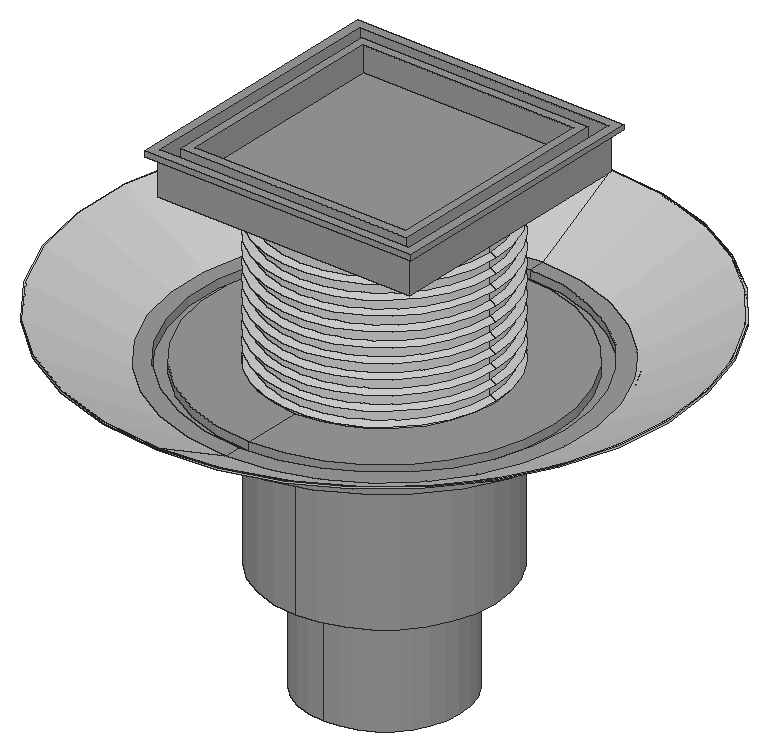
Revit family "HL_Трап для внутренних помещений_HL310N-3020", category Plumbing Fixtures, Revit 2016
Family settings
  Part Type = Normal
  Round Connector Dimension = Use Diameter
  OmniClass Number = 23.70.50.21.24.14
  OmniClass Title = Deck Waste Water Drains
  Work Plane-Based = No
  Always vertical = Yes
  Cut with Voids When Loaded = No
  Shared = Yes
  Room Calculation Point = Yes
Parameters (values of type "HL310N-3020")
  РЕШЁТКА = "112 x 112 mm / ABS-V4A"
  РАЗМЕР = "DN50/75/110"
  ПРОПУСКНАЯ СПОСОБНОСТЬ = 0.67 L/s
  ПРОИЗВОДИТЕЛЬНОСТЬ = "0,67 l/s"
  ПРИЁМНОЕ ОТВЕРСТИЕ = ""
  ПРАВОВАЯ ИНФОРМАЦИЯ = "Авторские права(©), права на дизайн или какие либо другие права интелектуальной собственности являются исключительной собственностью компании HL Hutterer & Lechner. Изменению не подлежит. Файл семейства с данными о прозводителе изделия защищен паролем с водяным знаком."  # constant formula
  НОРМЫ = ""
  НОМИНАЛЬНЫЙ ДИАМЕТР [instance] = 50 mm
  НАСАДКА = "10 - 80 mm / 132 x 132 mm / PP-V4A"
  МАТЕРИАЛ = "PE"
  МАКСИМАЛЬНАЯ НАГРУЗКА КЛАССА = "K3 - 300 kg"
  ВЫСОТА МОНТАЖА = "176 mm"
  ВЕС = "0,66 [kg]"
  Vent Connection = no
  Manufacturer = "HL Hutterer & Lechner GmbH"  # constant formula
  URL = "http://www.hutterer-lechner.com/ru/Products/catalog/floor-drains/attachments/HL310N-3020.aspx"
  Waste Connection = yes
  HW Connection = no
  Description = "Трапы для внутренних помещений"
  Model = "HL310N-3020"
  Type Comments = "HL310N-3020 Трап для внутренних помещений с гидрозатвором, с вертикальным выпуском DN50/75/110, с надставным элементом 132х132/112х112 мм для вклеивания керамической плитки"
  Keynote = "HL310N-3020"
  Высота монтажа [instance] = 242.396 mm
  EAN = "9003076034383"
  DN_Test [instance] = if(or(НОМИНАЛЬНЫЙ ДИАМЕТР = 50 mm, НОМИНАЛЬНЫЙ ДИАМЕТР = 75 mm, НОМИНАЛЬНЫЙ ДИАМЕТР = 110 mm), 30 mm, 0 mm)  # 30 mm
  CW Connection = no
  B [instance] = if(НОМИНАЛЬНЫЙ ДИАМЕТР = 110 mm, Высота монтажа - 55 mm, Высота монтажа)  # 242.396 mm
  A [instance] = if(B - 100 mm > 15 mm, B - 100 mm, 15 mm)  # 142.396 mm
Reference planes
  plane 1 "Center (Front/Back)": y = 0
  plane 2: z = 0
  plane 3 "Center (Left/Right)": x = 0
  plane 4 "Ball Joint Vertical": x = 25.45
  plane 5: z = -242.396
  plane 6: z = -242.396
Lines and regions (mm)
  model lines, style "InvisibleLines"
    curve 1: line (0, 0, 0) -> (0, 0, 1000)
  reference lines, not visible
    curve 2: line (0, 0, 0) -> (0, 0, -242.396)
  model lines, detail levels coarse+medium
    curve 3: line (0, 0, -242.396) -> (0, 0, -100)
    curve 4: line (0, 0, -100) -> (100, 0, 0)
    curve 5: line (0, 0, -100) -> (-100, 0, 0)
  symbolic lines, style "InvisibleLines", not visible
    curve 6: line (0, 0, 0) -> (0, 0, -30)
  symbolic lines, detail levels coarse+medium
    curve 7: line (-75, 75, 0) -> (75, 75, 0)
    curve 8: line (-75, 75, 0) -> (-75, -75, 0)
    curve 9: line (-75, -75, 0) -> (75, -75, 0)
    curve 10: line (75, 75, 0) -> (75, -75, 0)
    curve 11: line (145.711, 145.711, 0) -> (75, 75, 0)
    curve 12: line (-145.711, 145.711, 0) -> (-75, 75, 0)
    curve 13: line (145.711, -145.711, 0) -> (75, -75, 0)
    curve 14: line (-145.711, -145.711, 0) -> (-75, -75, 0)
  symbolic lines, not visible, detail levels coarse+medium
    curve 15: line (245.381, -300.208, 0) -> (395.381, -300.208, 0)
    curve 16: line (245.381, -300.208, 0) -> (245.381, -450.208, 0)
    curve 17: line (245.381, -450.208, 0) -> (395.381, -450.208, 0)
    curve 18: line (395.381, -300.208, 0) -> (395.381, -450.208, 0)
    curve 19: line (466.091, -229.497, 0) -> (395.381, -300.208, 0)
    curve 20: line (174.67, -229.497, 0) -> (245.381, -300.208, 0)
    curve 21: line (466.091, -520.918, 0) -> (395.381, -450.208, 0)
    curve 22: line (174.67, -520.918, 0) -> (245.381, -450.208, 0)
Text (mm)
  text "ПОЛ" at (-236.513, 0, -26.556), in view "Drain Construction View"
Dimensions and locks
  locked: plane 4 "Ball Joint Vertical" to plane 3 "Center (Left/Right)" at 25.45
  "Высота монтажа": plane 2 to plane 5
  "A": curve 5 to plane 6
  "B": curve 5 to plane 6
  "B": curve 4 to plane 6
  "B": plane 2 to plane 6
  "DN_Test": plane 2 to curve 6
  locked: curve 4 to plane 3 "Center (Left/Right)" (angle 45.00°)
  locked: plane 3 "Center (Left/Right)" to curve 5 (angle 45.00°)
  aligned and locked: level to plane 2
  aligned and locked: plane 2 to curve 1
  aligned and locked: plane 3 "Center (Left/Right)" to curve 2
  aligned and locked: plane 3 "Center (Left/Right)" to curve 3
  aligned and locked: plane 3 "Center (Left/Right)" to curve 5
  aligned and locked: plane 5 to nested 1
  aligned and locked: plane 2 to curve 2
  aligned and locked: plane 6 to curve 2
  aligned and locked: curve 6 to plane 3 "Center (Left/Right)"
  aligned and locked: plane 6 to curve 3
Automatic sketch dimensions
  curve 12 to curve 11 = 150 mm
  curve 9 to curve 11 = 150 mm
  curve 12 to curve 8 = 70.711 mm
  curve 14 to curve 9 = 70.711 mm  (x2)
  curve 7 to curve 11 = 70.711 mm  (x2)
  curve 9 to curve 13 = 70.711 mm
  curve 13 to curve 9 = 70.711 mm
  curve 8 to curve 12 = 70.711 mm
  curve 20 to curve 19 = 150 mm
  curve 17 to curve 19 = 150 mm
  curve 20 to curve 16 = 70.711 mm
  curve 22 to curve 17 = 70.711 mm  (x2)
  curve 15 to curve 19 = 70.711 mm  (x2)
  curve 17 to curve 21 = 70.711 mm
  curve 21 to curve 17 = 70.711 mm
  curve 16 to curve 20 = 70.711 mm
  level to curve 1 = 1000 mm
Nested families
  nested 1: "HL_Корпус для трапа внутренних помещений_HL310NK-3020" at (0, 0, -76), type "HL310NK-3020_Main Component"
  nested 2: "HL_Вкладыш сифона_HL0510.7EKK" at (0, 0, -17.079), type "HL0510.7EKK_Main Component"
  nested 3: "HL_Насадка_HL3020" at (0, 0, 0), type "HL3020_Main Component"
    with Высота монтажа 100 mm, RN 13, RL 84.5 mm, R yes, NL_Test yes, NL 120 mm
Connectors
  piping at (0, 0, -242.396), diameter 50, driven by "ПРОПУСКНАЯ СПОСОБНОСТЬ", driven by "НОМИНАЛЬНЫЙ ДИАМЕТР"
    settings: on curve 2, index 1, connector inside diameter 609.6 mm, connector length 0 mm, flow factor 0, pipe flow 0.67 L/s, pressure drop 0.0 Pa, fitting loss kfactor 0, connector angle 0.00°, fixture units 0, engagement length 0 mm, angle of deflection 0.00°, flow configuration 1, flow direction 2, fitting loss method 0, system type 16, joint type 0, gender type 0, connector reference index -1, connector utility 0, adjustable connector no, is connector primary yes, connector description ""
Definition of nested family "HL_Корпус для трапа внутренних помещений_HL310NK-3020"
  Parameters (values of type "HL310NK-3020")
    РАЗМЕР = "DN50/75/110"
    ПРАВОВАЯ ИНФОРМАЦИЯ = "Авторские права(©), права на дизайн или какие либо другие права интелектуальной собственности являются исключительной собственностью компании HL Hutterer & Lechner. Изменению не подлежит. Файл семейства с данными о прозводителе изделия защищен паролем с водяным знаком."  # constant formula
    МАТЕРИАЛ = "PE"
    ВЫСОТА МОНТАЖА = "166 mm"
    ВЕС = "0,24 [kg]"
    Waste Connection = yes
    Vent Connection = no
    Manufacturer = "HL Hutterer & Lechner GmbH"  # constant formula
    URL = "http://www.hutterer-lechner.com/ru/products/catalog/floor-drains/attachments/HL310nk-3020.aspx"
    HW Connection = no
    Description = "Трапы для внутренних помещений - Комплектующие"
    Model = "HL310NK-3020"
    Type Comments = "HL310NK-3020 Корпус трапа с вертикальным выпуском DN50/75/110, для серии 3020, с монтажной заглушкой"
    Keynote = "HL310NK-3020"
    EAN = "9003076034376"
    CW Connection = no
  Reference planes
    plane 1 "Center (Front/Back)": y = 0
    plane 2: z = 0
    plane 3 "Center (Left/Right)": x = 0
    plane 4 "Ball Joint Vertical": x = 25.45
  Forms (mm)
    Revolve 1, solid, detail levels fine
      sketch origin (0, 0, 0) x (0, 1, 0) y (0, 0, 1)
        loop
          line (-142.408, 0) -> (-100, -22) -> (-97.986, -22) -> (-140.394, 0) -> (-142.408, 0)
        axis (0, 0) -> (0, -22)
      angle from 0 to 360
    Revolve 2, void
      sketch origin (0, 0, 0) x (0, 1, 0) y (0, 0, 1)
        loop
          line (-140.997, -0.926) -> (-140.997, 0.574) -> (-142.375, 0.574) -> (-142.375, -0.926) -> (-140.997, -0.926)
        axis (0, 0.574) -> (0, -0.926)
      angle from 0 to 360
    Revolve 3, solid, detail levels fine
      sketch origin (0, 0, 0) x (0, 1, 0) y (0, 0, 1)
        loop
          line (37.5, -111.396) -> (55, -111.396) -> (55, -49) -> (58.349, -49) -> (58.349, -29.5) -> (93, -29.5) -> (93, -26) -> (100, -26) -> (100, -22) -> (90, -22) -> (90, -26) -> (84, -26) -> (84, -22) -> (55.3, -22) -> (55.3, -44) -> (52, -44) -> (52, -108.396) -> (20, -108.396) -> (20, -110.396) -> (22, -110.396) -> (22, -166.396) -> (25, -166.396) -> (25, -111.396) -> (34.5, -111.396) -> (34.5, -166.396) -> (37.5, -166.396) -> (37.5, -111.396)
        axis (0, -22) -> (0, -166.396)
      angle from 0 to 360
  Cuts and joins
    Revolve 2 cuts Revolve 1
  Text (mm)
    text "ROOF/FLOOR" at (-198.233, 0, -26.556), in view "Drain Construction View"
  Dimensions and locks
    locked: plane 4 "Ball Joint Vertical" to plane 3 "Center (Left/Right)" at 25.45
    aligned and locked: level to plane 2
Definition of nested family "HL_Вкладыш сифона_HL0510.7EKK"
  Parameters (values of type "HL0510.7EKK")
    ПРАВОВАЯ ИНФОРМАЦИЯ = "Авторские права(©), права на дизайн или какие либо другие права интелектуальной собственности являются исключительной собственностью компании HL Hutterer & Lechner. Изменению не подлежит. Файл семейства с данными о прозводителе изделия защищен паролем с водяным знаком."  # constant formula
    МАТЕРИАЛ = "PP"
    ВЕС = "0,08 [kg]"
    Waste Connection = yes
    Vent Connection = no
    Manufacturer = "HL Hutterer & Lechner GmbH"  # constant formula
    URL = "http://www.hutterer-lechner.com/ru/products/catalog/floor-drains/attachments/HL0510.7ekk.aspx"
    HW Connection = no
    Description = "Трапы для внутренних помещений - Комплектующие"
    Model = "HL0510.7EKK"
    Type Comments = "HL0510.7EKK Вкладыш запахозапирающий комплектный для системы \"KLICK-KLACK\""
    Keynote = "HL0510.7EKK"
    EAN = "9003076015832"
    CW Connection = no
  Reference planes
    plane 1 "Center (Front/Back)": y = 0
    plane 2: z = 0
    plane 3 "Center (Left/Right)": x = 0
    plane 4 "Ball Joint Vertical": x = 25.45
  Forms (mm)
    Revolve 1, solid, detail levels fine
      sketch origin (0, 0, 0) x (0, 1, 0) y (0, 0, 1)
        loop
          line (53, 0) -> (45, 0) -> (45, -26.014) -> (43.906, -33.62) -> (43.1, -33.62) -> (43.1, -68.2) -> (20, -68.2) -> (20, -11) -> (18.2, -11) -> (18.2, -70) -> (45, -70) -> (45, -36) -> (48.9, -36) -> (48.9, -14) -> (49.7, -14) -> (49.7, -2) -> (53, -2) -> (53, 0)
        loop
          line (36.005, -61) -> (36.005, -2)
          arc (36.005, -2) -> (35.419, -0.586) -> (34.005, 0) r 2
          line (34.005, 0) -> (0, 0) -> (0, -1.8) -> (34.207, -1.8) -> (34.207, -61) -> (36.005, -61)
        axis (0, 0) -> (0, -70)
      angle from 0 to 360
    Extrusion 2, solid, detail levels fine
      sketch origin (0, 0, 0) x (1, 0, 0) y (0, 1, 0)
        loop
          line (4, 23) -> (-4, 23) -> (-4, 5.7) -> (-24.1, 5.7) -> (-24.1, -5.7) -> (-4, -5.7) -> (-4, -23) -> (4, -23) -> (4, -5.7) -> (24.1, -5.7) -> (24.1, 5.7) -> (4, 5.7) -> (4, 23)
      from -82.5 to -81
    Extrusion 3, solid, detail levels fine
      sketch origin (0, 0, 0) x (1, 0, 0) y (0, 1, 0)
        loop
          line (-18.9, 5.7) -> (-24.1, 5.7) -> (-24.1, -5.7) -> (-18.9, -5.7) -> (-18.9, 5.7)
        loop
          line (18.9, 5.7) -> (18.9, -5.7) -> (24.1, -5.7) -> (24.1, 5.7) -> (18.9, 5.7)
      from -81 to -70
    Revolve 4, solid, detail levels fine
      sketch origin (0, 0, 0) x (0, 1, 0) y (0, 0, 1)
        loop
          line (49.7, -6.568) -> (49.7, -11.432)
          arc (49.7, -11.432) -> (51.625, -9) -> (49.7, -6.568) r 2.498
        axis (0, -6.568) -> (0, -11.432)
      angle from 0 to 360
  Cuts and joins
    joined: Revolve 1, Extrusion 2, Extrusion 3
  Text (mm)
    text "ROOF/FLOOR" at (-198.233, 0, -26.556), in view "Drain Construction View"
  Dimensions and locks
    locked: plane 4 "Ball Joint Vertical" to plane 3 "Center (Left/Right)" at 25.45
    aligned and locked: level to plane 2
Definition of nested family "HL_Насадка_HL3020"
  Parameters (values of type "HL3020")
    РЕШЁТКА = "112 x 112 mm / ABS-V4A"
    РАЗМЕР = "d 110 mm"
    ПРАВОВАЯ ИНФОРМАЦИЯ = "Авторские права(©), права на дизайн или какие либо другие права интелектуальной собственности являются исключительной собственностью компании HL Hutterer & Lechner. Изменению не подлежит. Файл семейства с данными о прозводителе изделия защищен паролем с водяным знаком."  # constant formula
    НАСАДКА = "132 x 132 mm / PP-V4A"
    МАКСИМАЛЬНАЯ НАГРУЗКА КЛАССА = "K3 - 300 kg"
    Высота монтажа [instance] = 100 mm
    ВЫСОТА МОНТАЖА = "30 - 100 mm (10-80 mm)"
    ВЕС = "0,32 [kg]"
    Waste Connection = yes
    Vent Connection = no
    RD = 6.5 mm  # constant formula
    R [instance] = ((Высота монтажа - NL_Min) / RD - 1) > 2  # yes
    RL [instance] = RD * RN  # 84.5 mm
    NL_Test [instance] = and(or(Высота монтажа < NL_Max, Высота монтажа = NL_Max), or(Высота монтажа > NL_Min, Высота монтажа = NL_Min))  # yes
    NL_Min = 30 mm
    NL_Max = 100 mm
    NL [instance] = if(NL_Test, Высота монтажа + 20 mm, 0 mm)  # 120 mm
    RN [instance] = if((Высота монтажа + 20 mm - NL_Min) / RD - 1 < 2, 2, (Высота монтажа + 20 mm - NL_Min) / RD - 1)  # 13
    Manufacturer = "HL Hutterer & Lechner GmbH"  # constant formula
    URL = "http://www.hutterer-lechner.com/ru/products/catalog/floor-drains/attachments/HL3020.aspx"
    HW Connection = no
    Description = "Трапы для внутренних помещений - Комплектующие"
    Model = "HL3020"
    Type Comments = "HL3020 Надставной элемент ?110 мм с подрамником из нержавеющей стали 132х132 мм и вкладышем 112х112 мм для вклеивания керамической плитки"
    Keynote = "HL3020"
    EAN = "9003076034253"
    CW Connection = no
  Reference planes
    plane 1 "Center (Front/Back)": y = 0
    plane 2: z = 0
    plane 3 "Center (Left/Right)": x = 0
    plane 4 "Ball Joint Vertical": x = 25.45
    plane 5: z = -120
  Forms (mm)
    Sweep 1, solid, detail levels fine
      path origin (0, 0, 0) x (1, 0, 0) y (0, 1, 0)
        loop
          line (-66, 66) -> (-66, -66) -> (66, -66) -> (66, 66) -> (-66, 66)
      profile origin (0, 66, 0) x (0, 1, 0) y (0, 0, 1)
        loop
          line (0, 0) -> (-4.35, 0) -> (-4.35, -20.7) -> (-3.55, -20.7) -> (-3.55, -2.5) -> (0, -2.5) -> (0, 0)
        loop
          line (-10, 0) -> (-14, 0) -> (-14, -14) -> (-10, -14) -> (-10, 0)
    Extrusion 2, solid, detail levels fine
      sketch origin (0, 0, 0) x (1, 0, 0) y (0, 1, 0)
        loop
          line (-56, 56) -> (-56, -56) -> (56, -56) -> (56, 56) -> (-56, 56)
      from -12 to -14
    Extrusion 3, solid, detail levels fine
      sketch origin (0, 0, 0) x (1, 0, 0) y (0, 1, 0)
        loop
          line (-61.75, 61.75) -> (-61.75, -61.75) -> (61.75, -61.75) -> (61.75, 61.75) -> (-61.75, 61.75)
      from -20.7 to -19.079
    Revolve 4, solid, detail levels fine
      sketch origin (0, 0, 0) x (1, 0, 0) y (0, 0, 1)
        loop
          line (52, -120) -> (52, -20.7) -> (50.2, -20.7) -> (50.2, -120) -> (52, -120)
        axis (0, -20.7) -> (0, -120)
      angle from 0 to 360
  Lines and regions (mm)
    symbolic lines
      curve 1: line (0, 0, -120) -> (0, 0, 0)
    model lines
      curve 2: line (0, 0, 0) -> (0, 0, 100)
  Text (mm)
    text "ROOF/FLOOR" at (-198.233, 0, -26.556), in view "Drain Construction View"
  Dimensions and locks
    locked: plane 4 "Ball Joint Vertical" to plane 3 "Center (Left/Right)" at 25.45
    "NL": plane 2 to plane 5
    equal spacing: group 1, group 3, group 4, group 5, group 6, group 7, group 8, group 9, group 10, group 11, group 12, group 13, group 2  (x3)
    "RL": nested 2 to nested 1
    locked: nested 1 to plane 5 at 1.516
    aligned and locked: level to plane 2
    aligned and locked: plane 3 "Center (Left/Right)" to nested 1
    aligned and locked: plane 1 "Center (Front/Back)" to nested 1
    aligned and locked: plane 2 to curve 1
    aligned and locked: plane 5 to curve 1
    aligned and locked: Sweep 1 to Revolve 4 sketch curve
    aligned and locked: plane 5 to Revolve 4 sketch curve
  Automatic sketch dimensions
    Sweep 1 sketch curve to plane 3 "Center (Left/Right)" = 66 mm
    plane 4 "Ball Joint Vertical" to Sweep 1 sketch curve = 40.55 mm
    plane 1 "Center (Front/Back)" to Sweep 1 sketch curve = 66 mm
    Sweep 1 sketch curve to plane 1 "Center (Front/Back)" = 66 mm
    Sweep 1 sketch curve to profile plane = 0 mm  (x3)
    profile plane to Sweep 1 sketch curve = 3.55 mm
    Sweep 1 sketch curve to Sweep 1 sketch curve = 0.8 mm
    Sweep 1 sketch curve to Sweep 1 sketch curve = 5.65 mm
    Sweep 1 sketch curve to Sweep 1 sketch curve = 4 mm
    Sweep 1 sketch curve to profile plane = 2.5 mm
    Sweep 1 sketch curve to Sweep 1 sketch curve = 11.5 mm
    Sweep 1 sketch curve to Sweep 1 sketch curve = 6.7 mm
    Extrusion 2 sketch curve to plane 3 "Center (Left/Right)" = 56 mm
    plane 4 "Ball Joint Vertical" to Extrusion 2 sketch curve = 30.55 mm
    plane 1 "Center (Front/Back)" to Extrusion 2 sketch curve = 56 mm
    Extrusion 2 sketch curve to plane 1 "Center (Front/Back)" = 56 mm
    Extrusion 3 sketch curve to plane 3 "Center (Left/Right)" = 61.75 mm
    plane 4 "Ball Joint Vertical" to Extrusion 3 sketch curve = 36.3 mm
    plane 1 "Center (Front/Back)" to Extrusion 3 sketch curve = 61.75 mm
    Extrusion 3 sketch curve to plane 1 "Center (Front/Back)" = 61.75 mm
    Revolve 4 sketch curve to plane 3 "Center (Left/Right)" = 0 mm
    plane 4 "Ball Joint Vertical" to Revolve 4 sketch curve = 24.75 mm
    Revolve 4 sketch curve to Revolve 4 sketch curve = 1.8 mm
    Revolve 4 sketch curve to level = 22.222 mm
    level to Revolve 4 sketch curve = 10 mm
    curve 2 to plane 3 "Center (Left/Right)" = 0 mm
    level to curve 2 = 100 mm
  Nested families
    nested 1: "Ring" at (0, 0, -118.484), visible <- "R", type "Ring"
    nested 2: "Ring" at (0, 0, -33.984), visible <- "R", type "Ring"
    nested 3: "Ring" at (0, 0, -111.442), visible <- "R", type "Ring"
    nested 4: "Ring" at (0, 0, -104.401), visible <- "R", type "Ring"
    nested 5: "Ring" at (0, 0, -97.359), visible <- "R", type "Ring"
    nested 6: "Ring" at (0, 0, -90.317), visible <- "R", type "Ring"
    nested 7: "Ring" at (0, 0, -83.276), visible <- "R", type "Ring"
    nested 8: "Ring" at (0, 0, -76.234), visible <- "R", type "Ring"
    nested 9: "Ring" at (0, 0, -69.192), visible <- "R", type "Ring"
    nested 10: "Ring" at (0, 0, -62.151), visible <- "R", type "Ring"
    nested 11: "Ring" at (0, 0, -55.109), visible <- "R", type "Ring"
    nested 12: "Ring" at (0, 0, -48.067), visible <- "R", type "Ring"
    nested 13: "Ring" at (0, 0, -41.026), visible <- "R", type "Ring"
  Definition of nested family "Ring"
    Parameters (values of type "Ring")
      Manufacturer = ""
      URL = ""
      R = D / 2  # 51.5 mm
      Description = ""
      Model = ""
      Material = none
      Type Comments = ""
      D = 103 mm
      Cost = 0
    Reference planes
      plane 1 "Střed (vpředu/vzadu)": y = 0
      plane 2: z = 0
      plane 3 "Střed (vlevo/vpravo)": x = 0
    Forms (mm)
      Revolve 1, solid, material <- "Material", detail levels fine
        sketch origin (0, 0, 0) x (1, 0, 0) y (0, 0, 1)
          loop
            line (-51.5, 1.482) -> (-54.764, 0) -> (-51.5, -1.516) -> (-51.5, 1.482)
          axis (0, 1.482) -> (0, -1.516)
        angle from 0 to 360
    Dimensions and locks
      "R": Revolve 1 sketch curve to plane 3 "Střed (vlevo/vpravo)"
      aligned and locked: level to plane 2
      aligned and locked: Revolve 1 sketch curve to plane 3 "Střed (vlevo/vpravo)"
    Automatic sketch dimensions
      Revolve 1 sketch curve to level = 0 mm
      Revolve 1 sketch curve to Revolve 1 sketch curve = 3.264 mm
      Revolve 1 sketch curve to level = 1.516 mm
      level to Revolve 1 sketch curve = 1.482 mm
      Revolve 1 sketch curve to level = 381 mm
      Revolve 1 sketch curve to Revolve 1 sketch curve = 2212.833 mm
